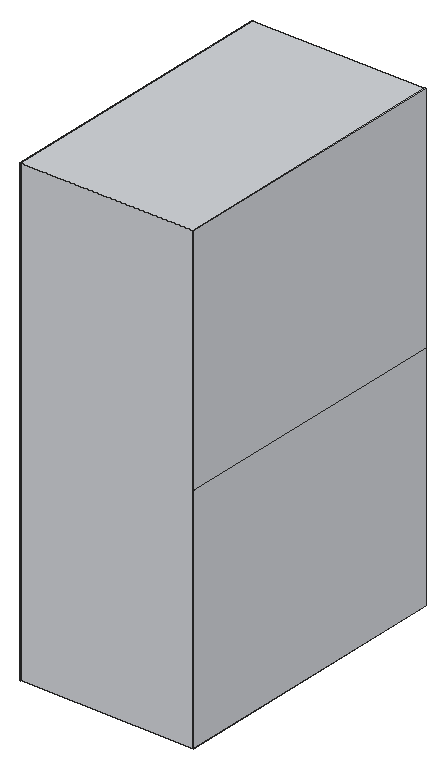
Revit family "XXX_RLT-Gerät_Wärmetauscher allgemein", category HLS-Bauteile, Revit 2014
Parameters (values of type "Allgemein")
  Breite = 500 mm
  Symbolradius Seiten [instance] = if(Länge < Höhe, Länge * 0.4, Höhe * 0.4)  # 120 mm
  Symbolradius [instance] = if(Länge < Breite, Länge * 0.4, Breite * 0.4)  # 120 mm
  Druckverlust [instance] = 0.00 in-wg
  Länge = 300 mm
  Höhe = 800 mm
  Anschlussbreite [instance] = Breite  # 500 mm
  Anschlusshöhe [instance] = Höhe / 2  # 400 mm
  Widerstandsbeiwert [instance] = 0
Reference planes
  plane 1 "Mitte (Vorne/Hinten)": y = 0
  plane 2: z = 0
  plane 3 "Mitte (Links/Rechts)": x = 0
  plane 4: y = 250
  plane 5: y = -250
  plane 6: x = -150
  plane 7: x = 150
  plane 8: z = 400
  plane 9: z = -400
  plane 10: x = -149
  plane 11: x = 149
  plane 12: z = 200
  plane 13: z = -200
Forms (mm)
  Extrusion 1, solid, detail levels medium+fine
    sketch origin (-150, 397.271, 1219.2) x (0, 1, 0) y (0, 0, 1)
      loop
        line (-147.271, -819.2) -> (-647.271, -819.2) -> (-647.271, -1619.2) -> (-147.271, -1619.2) -> (-147.271, -819.2)
    from 0 to 300
  Extrusion 2, solid, detail levels medium+fine
    sketch origin (-149, 315.113, 1219.2) x (0, 1, 0) y (0, 0, 1)
      loop
        line (-65.113, -819.2) -> (-565.113, -819.2) -> (-565.113, -1219.2) -> (-65.113, -1219.2) -> (-65.113, -819.2)
    from 0 to -1
  Extrusion 3, solid, detail levels medium+fine
    sketch origin (-132.975, 315.113, 1219.2) x (0, 1, 0) y (0, 0, 1)
      loop
        line (-65.113, -1219.2) -> (-565.113, -1219.2) -> (-565.113, -1619.2) -> (-65.113, -1619.2) -> (-65.113, -1219.2)
    from -16.025 to -17.025
  Extrusion 4, solid, detail levels medium+fine
    sketch origin (149, 290.368, 1219.2) x (0, 1, 0) y (0, 0, 1)
      loop
        line (-40.368, -819.2) -> (-540.368, -819.2) -> (-540.368, -1219.2) -> (-40.368, -1219.2) -> (-40.368, -819.2)
    from 0 to 1
  Extrusion 5, solid, detail levels medium+fine
    sketch origin (149, 290.368, 1219.2) x (0, 1, 0) y (0, 0, 1)
      loop
        line (-40.368, -1219.2) -> (-540.368, -1219.2) -> (-540.368, -1619.2) -> (-40.368, -1619.2) -> (-40.368, -1219.2)
    from 0 to 1
Lines and regions (mm)
  model lines, detail levels coarse
    curve 1: line (-150, 250, 0) -> (150, 250, 0)
    curve 2: line (-150, -250, 0) -> (-150, 250, 0)
    curve 3: line (150, -250, 0) -> (-150, -250, 0)
    curve 4: line (150, 250, 0) -> (150, -250, 0)
    curve 5: line (-150, 0, 400) -> (150, 0, 400)
    curve 6: line (-150, 0, -400) -> (-150, 0, 400)
    curve 7: line (150, 0, -400) -> (-150, 0, -400)
    curve 8: line (150, 0, 400) -> (150, 0, -400)
    curve 9: line (0, 250, 400) -> (0, -250, 400)
    curve 10: line (0, 250, -400) -> (0, 250, 400)
    curve 11: line (0, -250, -400) -> (0, 250, -400)
    curve 12: line (0, -250, 400) -> (0, -250, -400)
    curve 13: line (-150, 250, 0) -> (150, -250, 0)
    curve 14: line (-150, -250, 0) -> (150, 250, 0)
    curve 15: circle (0, 0, 0) r 120 normal (0, 0, 1)
  model lines
    curve 16: line (-150, -250, 400) -> (150, 250, 400)
    curve 17: line (-150, 250, 400) -> (150, -250, 400)
    curve 18: circle (0, 0, 400) r 120 normal (0, 0, 1)
    curve 19: line (-150, -250, 400) -> (150, -250, -400)
    curve 20: line (-150, -250, -400) -> (150, -250, 400)
    curve 21: circle (0, -250, 0) r 120 normal (0, -1, 0)
    curve 22: line (150, 250, -400) -> (-150, 250, 400)
    curve 23: line (150, 250, 400) -> (-150, 250, -400)
    curve 24: circle (0, 250, 0) r 120 normal (0, 1, 0)
    curve 25: line (-150, 0, 200) -> (150, 0, 200)
    curve 26: line (0, 0, 200) -> (0, 0, 0)
    curve 27: line (-150, 0, -200) -> (150, 0, -200)
    curve 28: line (0, 0, -200) -> (0, 0, 0)
Dimensions and locks
  equal spacing: plane 6, plane 3 "Mitte (Links/Rechts)", plane 7
  "Länge": plane 6 to plane 7
  equal spacing: plane 5, plane 1 "Mitte (Vorne/Hinten)", plane 4
  "Höhe": plane 8 to plane 9
  "Breite": plane 5 to plane 4
  locked: plane 6 to plane 10 at 1
  locked: plane 11 to plane 7 at 1
  equal spacing: plane 8, plane 12, level, plane 13, plane 9
  "Symbolradius": radius of curve 15
  "Symbolradius": radius of curve 18
  "Symbolradius Seiten": radius of curve 21
  "Symbolradius Seiten": radius of curve 24
  aligned and locked: plane 2 to level
  aligned and locked: plane 7 to Extrusion 1
  aligned and locked: Extrusion 1 to plane 6
  aligned and locked: plane 8 to Extrusion 1
  aligned and locked: plane 9 to Extrusion 1
  aligned and locked: Extrusion 1 to plane 5
  aligned and locked: plane 4 to Extrusion 1
  aligned and locked: curve 1 to Extrusion 1
  aligned and locked: curve 2 to Extrusion 1
  aligned and locked: curve 3 to Extrusion 1
  aligned and locked: curve 4 to Extrusion 1
  aligned and locked: curve 5 to Extrusion 1
  aligned and locked: curve 6 to Extrusion 1
  aligned and locked: curve 7 to Extrusion 1
  aligned and locked: curve 8 to Extrusion 1
  aligned and locked: curve 9 to Extrusion 1
  aligned and locked: curve 11 to Extrusion 1
  aligned and locked: Extrusion 2 sketch curve to curve 9
  aligned and locked: curve 10 to Extrusion 2 sketch curve
  aligned and locked: Extrusion 2 sketch curve to curve 2
  aligned and locked: Extrusion 2 sketch curve to curve 12
  aligned and locked: Extrusion 3 sketch curve to curve 2
  aligned and locked: Extrusion 3 sketch curve to Extrusion 2
  aligned and locked: Extrusion 3 sketch curve to curve 11
  aligned and locked: curve 12 to Extrusion 3 sketch curve
  aligned and locked: Extrusion 2 to plane 6
  aligned and locked: plane 10 to Extrusion 2
  aligned and locked: Extrusion 3 to plane 10
  aligned and locked: Extrusion 3 to plane 6
  aligned and locked: Extrusion 4 sketch curve to curve 9
  aligned and locked: curve 10 to Extrusion 4 sketch curve
  aligned and locked: Extrusion 4 sketch curve to curve 2
  aligned and locked: Extrusion 4 sketch curve to Extrusion 3
  aligned and locked: Extrusion 5 sketch curve to curve 2
  aligned and locked: Extrusion 5 sketch curve to Extrusion 3
  aligned and locked: Extrusion 5 sketch curve to curve 11
  aligned and locked: curve 12 to Extrusion 5 sketch curve
  aligned and locked: Extrusion 4 to plane 11
  aligned and locked: plane 7 to Extrusion 4
  aligned and locked: Extrusion 5 to plane 11
  aligned and locked: plane 7 to Extrusion 5
  aligned and locked: curve 25 to plane 12
  aligned and locked: Extrusion 2 to curve 25
  aligned and locked: plane 7 to curve 25
  aligned and locked: curve 26 to plane 3 "Mitte (Links/Rechts)"
  aligned and locked: plane 12 to curve 26
  aligned and locked: level to curve 26
  aligned and locked: plane 3 "Mitte (Links/Rechts)" to curve 28
  aligned and locked: plane 13 to curve 28
  aligned and locked: curve 27 to plane 13
Automatic sketch dimensions
  Extrusion 1 sketch curve to plane 5 = 0 mm
  Extrusion 1 sketch curve to plane 4 = 0 mm
  plane 9 to Extrusion 1 sketch curve = 0 mm
  Extrusion 1 sketch curve to plane 8 = 0 mm
  curve 9 to plane 5 = 0 mm
  curve 11 to plane 4 = 0 mm
  plane 5 to curve 17 = 0 mm
  plane 5 to curve 16 = 0 mm
  plane 1 "Mitte (Vorne/Hinten)" to curve 18 = 0 mm
  curve 17 to plane 4 = 0 mm
  curve 16 to plane 4 = 0 mm
  curve 16 to plane 7 = 0 mm
  curve 17 to plane 7 = 0 mm
  curve 18 to plane 3 "Mitte (Links/Rechts)" = 0 mm
  curve 17 to plane 6 = 0 mm
  curve 16 to plane 6 = 0 mm
  plane 6 to curve 20 = 0 mm
  curve 19 to plane 6 = 0 mm
  curve 21 to level = 0 mm
  curve 21 to plane 3 "Mitte (Links/Rechts)" = 0 mm
  curve 20 to plane 7 = 0 mm
  plane 7 to curve 19 = 0 mm
  curve 19 to plane 9 = 0 mm
  curve 20 to plane 9 = 0 mm
  curve 20 to plane 8 = 0 mm
  curve 19 to plane 8 = 0 mm
  curve 23 to plane 7 = 0 mm
  curve 22 to plane 7 = 0 mm
  curve 24 to level = 0 mm
  curve 24 to plane 3 "Mitte (Links/Rechts)" = 0 mm
  curve 23 to plane 6 = 0 mm
  curve 22 to plane 6 = 0 mm
  curve 23 to plane 9 = 0 mm
  curve 22 to plane 9 = 0 mm
  curve 23 to plane 8 = 0 mm
  curve 22 to plane 8 = 0 mm
  plane 1 "Mitte (Vorne/Hinten)" to curve 15 = 0 mm
  curve 15 to plane 3 "Mitte (Links/Rechts)" = 0 mm
Connectors
  hvac at (-150, 0, -200), driven by "Anschlusshöhe", driven by "Anschlussbreite", driven by "Widerstandsbeiwert"
    settings: on Extrusion 3, index 1, duct flow 0 CFM, flow factor 0, pres drop 0.00 in-wg, loss coef 0, conn angle 0.00°, conn width 500 mm, conn height 400 mm, conn diameter 609.6 mm, duct sys type 29, conn prof type 1, flow config 0, flow direction 0, loss method 6, conn ref index 2, conn util no, is conn primary yes, conn desc ""
  hvac at (150, 0, -200), driven by "Anschlusshöhe", driven by "Anschlussbreite", driven by "Widerstandsbeiwert"
    settings: on Extrusion 5, index 2, duct flow 0 CFM, flow factor 0, pres drop 0.00 in-wg, loss coef 0, conn angle 0.00°, conn width 500 mm, conn height 400 mm, conn diameter 609.6 mm, duct sys type 29, conn prof type 1, flow config 0, flow direction 0, loss method 6, conn ref index 1, conn util no, is conn primary no, conn desc ""
  hvac at (-150, 0, 200), driven by "Anschlussbreite", driven by "Anschlusshöhe", driven by "Widerstandsbeiwert"
    settings: on Extrusion 2, index 3, duct flow 0 CFM, flow factor 0, pres drop 0.00 in-wg, loss coef 0, conn angle 0.00°, conn width 500 mm, conn height 400 mm, conn diameter 609.6 mm, duct sys type 29, conn prof type 1, flow config 0, flow direction 0, loss method 6, conn ref index 4, conn util no, is conn primary no, conn desc ""
  hvac at (150, 0, 200), driven by "Anschlussbreite", driven by "Anschlusshöhe", driven by "Widerstandsbeiwert"
    settings: on Extrusion 4, index 4, duct flow 0 CFM, flow factor 0, pres drop 0.00 in-wg, loss coef 0, conn angle 0.00°, conn width 500 mm, conn height 400 mm, conn diameter 609.6 mm, duct sys type 29, conn prof type 1, flow config 0, flow direction 0, loss method 6, conn ref index 3, conn util no, is conn primary no, conn desc ""
